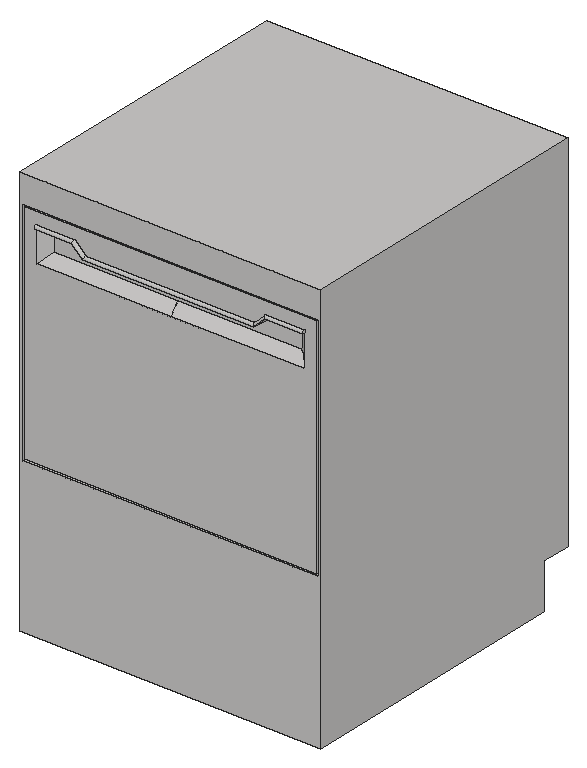
Revit family "QF_ELECTROLUXPROFESSIONAL_502704_ELAI3P", category Specialty Equipment, Revit 2018
Family settings
  Round Connector Dimension = Use Diameter
  Part Type = Normal
  Work Plane-Based = No
  Always vertical = Yes
  Cut with Voids When Loaded = No
  Shared = No
  Room Calculation Point = No
Parameters
  Weight = 68.00 kg
  Watts = 0 W
  Volts = 0 V
  URL Manufacturer = ""
  URL = "http://professional.electrolux.com/"
  Steam Supply Size = 0 mm
  Steam Supply Minimum Pressure = 0.0 Pa
  Steam Supply Maximum Pressure = 0.0 Pa
  Steam Pounds per Hour = 0
  Show Logo [instance] = yes
  Show Clearance [instance] = yes
  Refrigeration Suction Line Size = 0 mm
  Refrigeration Liquid Line Size = 0 mm
  Refrigerant Compressor Remote = yes
  Manufacturer = ""
  Phase = 0
  Model = ""
  Length Actual = 600 mm  # constant formula
  Item Number = ""
  Hot Water Size = 0 mm
  Height Actual = 820 mm  # constant formula
  HP = "7.2 HP"
  Gas Size = 0 mm
  Gas KW = 0
  Gas Input Pressure = 0 W
  Direct Waste Size = 20.5 mm
  Description = ""
  Depth Actual = 615 mm  # constant formula
  Cycle = 0 Hz
  Condensate Return Size = 0 mm
  Compressed Air Volume = 0.0 L/s
  Compressed Air Size = 0 mm
  Compressed Air Pressure = 0.0 Pa
  Cold Water Size = 0 mm
  Accessory = yes
Types (2, lengths in mm): name | Volts | URL Manufacturer | URL | Manufacturer | Phase | Model | Item Number | Hot Water Size | Description | Cycle
  (no name) | 0 V | "" | "http://professional.electrolux.com/" | "" | 0 | "" | "" | 0 | "" | 0 Hz
  Standard | 400 V | "http://professional.electrolux.com" | "http://professional.electrolux.com" | "Electrolux Professional" | 3 | "ELAI3P" | "502704" | 19.05 | "UNDERCOUNTER(L), WASH-SAFE, DOUBLE SKIN, 3PH, DP, 720D/H" | 50 Hz
Reference planes
  plane 1 "Center (Front/Back)": y = 0
  plane 2: z = 0
  plane 3 "Center (Left/Right)": x = 0
  plane 4 "LEFT": x = -300
  plane 5 "RIGHT": x = 300
  plane 6 "FRONT": y = -307.5
  plane 7 "BACK": y = 307.5
  plane 8: z = 830
  plane 9: z = 10
  plane 10: y = 268.5
Forms (mm)
  Extrusion 1, solid, material "QF_Finishes_Stainless Steel"
    sketch origin (0, 0, 0) x (1, 0, 0) y (0, 1, 0)
      loop
        line (-300, -307.5) -> (300, -307.5) -> (300, 249.5) -> (-300, 249.5) -> (-300, -307.5)
    from 10 to 830
  Extrusion 2, solid, material "QF_Finishes_Stainless Steel"
    sketch origin (0, 0, 0) x (1, 0, 0) y (0, 1, 0)
      loop
        line (-300, 249.5) -> (300, 249.5) -> (300, 307.5) -> (-300, 307.5) -> (-300, 249.5)
    from 100 to 830
  Extrusion 3, solid, material "QF_Finishes_Stainless Steel"
    sketch origin (0, 0, 0) x (1, 0, 0) y (0, 1, 0)
      loop
        circle (-254, 193.5) r 12.5
      loop
        circle (254, 193.5) r 12.5
      loop
        circle (-254, -237.5) r 12.5
      loop
        circle (254, -237.5) r 12.5
    from 0 to 10
  Extrusion 4, void
    sketch origin (-300, -307.5, 0) x (-1, 0, 0) y (0, 0, 1)
      loop
        line (-5, 773.217) -> (-595, 773.217) -> (-595, 315.188) -> (-5, 315.188) -> (-5, 773.217)
    from 0 to 30
  Extrusion 5, solid, material "QF_Finishes_Stainless Steel"
    sketch origin (-274, -411, 733) x (0, 0, -1) y (1, 0, 0)
      loop
        circle (693, 143) r 10
    from -660.5 to -718.5
  Extrusion 6, solid, material "QF_Door-Drawer Clearances", visible <- "Show Clearance", detail levels coarse
    sketch origin (-230, -282.5, 0) x (0, 1, 0) y (0, 0, -1)
      loop
        line (-25, -319.312) -> (-397, -319.312)
        arc (-397, -319.312) -> (-298.139, -616.581) -> (-25, -770) r 434.302
        line (-25, -770) -> (-25, -319.312)
    from 61.225 to -521.647
  Extrusion 7, solid, material "QF_Finishes_Stainless Steel"
    sketch origin (-331.481, -411, 703) x (0, 0, -1) y (1, 0, 0)
      loop
        circle (663, 252.481) r 8
    from -660.5 to -718.5
  Extrusion 8, solid, material "QF_Finishes_Stainless Steel"
    sketch origin (-230, -282.5, 0) x (0, 1, 0) y (0, 0, -1)
      loop
        line (-25, -319.312) -> (-25, -770) -> (0, -770) -> (0, -319.312) -> (-25, -319.312)
    from 61.225 to -521.647
  Extrusion 9, solid, material "QF_Finishes_Stainless Steel"
    sketch origin (-301, 942.75, 760.5) x (0, -1, 0) y (1, 0, 0)
      loop
        circle (663, 158) r 8
    from -660.5 to -670.5
  Blend 10, void
    base sketch origin (-230, -307.5, 770) x (0, 0, -1) y (1, 0, 0)
      loop
        line (93.563, -37.311) -> (93.563, 230) -> (93.563, 497.311) -> (28.563, 497.311) -> (28.563, 422.311) -> (49.776, 401.098) -> (49.776, 230) -> (49.776, 58.902) -> (28.563, 37.689) -> (28.563, -37.311) -> (93.563, -37.311)
    top sketch origin (-230, -307.5, 770) x (0, 0, -1) y (1, 0, 0)
      loop
        line (73.563, -17.311) -> (73.563, 230) -> (73.563, 477.311) -> (31.063, 477.311) -> (31.063, 422.311) -> (52.276, 401.098) -> (52.276, 58.902) -> (31.063, 37.689) -> (31.063, -17.311) -> (73.563, -17.311)
    from 0 to -19.433
  Sweep 11, solid, material "QF_Finishes_Stainless Steel"
    path origin (-230, -307.5, 770) x (0, 0, -1) y (1, 0, 0)
      loop
        line (28.563, -37.311) -> (28.563, 37.689) -> (49.776, 58.902) -> (49.776, 401.098) -> (28.563, 422.311) -> (28.563, 497.311)
    profile origin (-229.811, -307.5, 741.437) x (0, 0, 1) y (0, -1, 0)
      loop
        line (0, 0) -> (5, 0)
        arc (5, 0) -> (3.536, 3.536) -> (0, 5) r 5
        arc (0, 5) -> (-0.037, 0.962) -> (-0.394, -3.06) r 51.04
        line (-0.394, -3.06) -> (0, 0)
Cuts and joins
  Extrusion 4 cuts Extrusion 1
  joined: Extrusion 1, Extrusion 2
  Blend 10 cuts Extrusion 8
Lines and regions (mm)
  Split face 1
    outline origin (-300, -307.5, 830) x (0, 0, -1) y (1, 0, 0)
      loop
        line (56.783, 5) -> (56.783, 0)
      loop
        line (56.783, 595) -> (56.783, 600)
      loop
        line (37.034, 600) -> (37.034, 514.297)
        arc (37.034, 514.297) -> (37.64, 511.25) -> (39.366, 508.667) r 7.962
        line (39.366, 508.667) -> (44.289, 503.744)
        arc (44.289, 503.744) -> (46.135, 500.982) -> (46.783, 497.723) r 8.515
        line (46.783, 497.723) -> (46.783, 87.277)
        arc (46.783, 87.277) -> (46.135, 84.018) -> (44.289, 81.256) r 8.515
        line (44.289, 81.256) -> (39.366, 76.333)
        arc (39.366, 76.333) -> (37.64, 73.75) -> (37.034, 70.703) r 7.962
        line (37.034, 70.703) -> (37.034, 0)
  Split face 2
    outline origin (-300, -307.5, 830) x (0, 0, -1) y (1, 0, 0)
      loop
        line (13.15, 274.82) -> (37.034, 274.82) -> (37.034, 325.18) -> (13.15, 325.18) -> (13.15, 274.82)
  symbolic lines
    curve 1: line (-300, 307.5, 0) -> (300, 307.5, 0)
    curve 2: line (-300, -307.5, 0) -> (-300, 307.5, 0)
    curve 3: line (300, -307.5, 0) -> (-300, -307.5, 0)
    curve 4: line (300, 307.5, 0) -> (300, -307.5, 0)
  symbolic lines, style "QF_Door-Drawer Clearances"
    curve 5: line (-291.225, -679.5, 0) -> (291.647, -679.5, 0)
    curve 6: line (291.647, -679.5, 0) -> (291.647, -307.5, 0)
    curve 7: line (-291.225, -679.5, 0) -> (-291.225, -307.5, 0)
  symbolic lines, style "SpecialityEquipmentHiddenLines"
    curve 8: line (-300, 249.5, 0) -> (300, 249.5, 0)
Dimensions and locks
  equal spacing: plane 4 "LEFT", plane 3 "Center (Left/Right)", plane 5 "RIGHT"
  equal spacing: plane 7 "BACK", plane 1 "Center (Front/Back)", plane 6 "FRONT"
  plane 7 "BACK" to plane 6 "FRONT" = 615 mm
  plane 4 "LEFT" to plane 5 "RIGHT" = 600 mm
  locked: plane 9 to level at 10
  plane 4 "LEFT" to plane 3 "Center (Left/Right)" = 300 mm
  plane 8 to level = 830 mm  (x2)
  Extrusion 9 sketch curve to plane 4 "LEFT" = 157 mm
  level to Extrusion 5 sketch curve = 40 mm
  Extrusion 5 sketch curve to plane 4 "LEFT" = 169 mm
  Extrusion 7 sketch curve to plane 4 "LEFT" = 221 mm
  level to Extrusion 7 sketch curve = 40 mm
  Extrusion 3 to cut or joined group of Extrusion 1, Extrusion 2, Extrusion 4 = 114 mm
  Extrusion 3 to Extrusion 3 = 431 mm
  plane 6 "FRONT" to Extrusion 3 = 70 mm
  plane 1 "Center (Front/Back)" to plane 6 "FRONT" = 307.5 mm
  locked: plane 7 "BACK" to plane 10 at 39
  plane 7 "BACK" to curve 5 = 987 mm
  Extrusion 8 to cut or joined group of Extrusion 1, Extrusion 2, Extrusion 4 = 454.812 mm
  aligned and locked: level to plane 2
  aligned and locked: Extrusion 1 sketch curve to plane 6 "FRONT"
  aligned and locked: Extrusion 1 sketch curve to plane 4 "LEFT"
  aligned and locked: plane 5 "RIGHT" to Extrusion 1 sketch curve
  aligned and locked: Extrusion 1 to plane 9
  aligned and locked: Extrusion 2 sketch curve to Extrusion 1
  aligned and locked: plane 7 "BACK" to Extrusion 2 sketch curve
  aligned and locked: plane 5 "RIGHT" to Extrusion 2 sketch curve
  aligned and locked: plane 9 to Extrusion 3
Automatic sketch dimensions
  Extrusion 1 sketch curve to plane 10 = 19 mm
  Extrusion 2 sketch curve to plane 10 = 19 mm
  plane 4 "LEFT" to Extrusion 3 sketch curve = 46 mm  (x2)
  Extrusion 3 sketch curve to plane 5 "RIGHT" = 46 mm  (x2)
  plane 6 "FRONT" to Extrusion 3 sketch curve = 70 mm  (x2)
  Extrusion 3 sketch curve to plane 10 = 75 mm  (x2)
  Extrusion 4 sketch curve to Extrusion 1 = 5 mm  (x2)
  Extrusion 4 sketch curve to Extrusion 1 = 305.188 mm
  Extrusion 4 sketch curve to Extrusion 1 = 56.783 mm
  Extrusion 8 sketch curve to plane 6 "FRONT" = 0 mm
  Extrusion 8 sketch curve to Extrusion 8 sketch curve = 25 mm
  Extrusion 8 sketch curve to plane 8 = 60 mm
  plane 9 to Extrusion 8 sketch curve = 309.312 mm
  cut or joined group of Extrusion 1, Extrusion 2, Extrusion 4 to Split face 1 sketch curve = 0 mm  (x2)
  Split face 1 sketch curve to cut or joined group of Extrusion 1, Extrusion 2, Extrusion 4 = 0 mm  (x6)
  cut or joined group of Extrusion 1, Extrusion 2, Extrusion 4 to Split face 1 sketch curve = 10 mm
  Split face 1 sketch curve to Split face 1 sketch curve = 2.494 mm  (x2)
  Split face 1 sketch curve to Split face 1 sketch curve = 8.515 mm  (x2)
  cut or joined group of Extrusion 1, Extrusion 2, Extrusion 4 to Split face 1 sketch curve = 11.786 mm  (x2)
  Split face 1 sketch curve to Split face 1 sketch curve = 5.63 mm  (x2)
  Split face 1 sketch curve to Split face 1 sketch curve = 2.332 mm  (x2)
  Split face 1 sketch curve to cut or joined group of Extrusion 1, Extrusion 2, Extrusion 4 = 65.703 mm
  Split face 1 sketch curve to Split face 1 sketch curve = 4.923 mm  (x2)
  Split face 1 sketch curve to cut or joined group of Extrusion 1, Extrusion 2, Extrusion 4 = 97.277 mm
  Split face 2 sketch curve to cut or joined group of Extrusion 1, Extrusion 2, Extrusion 4 = 13.15 mm
  cut or joined group of Extrusion 1, Extrusion 2, Extrusion 4 to Split face 2 sketch curve = 19.749 mm
  Split face 2 sketch curve to cut or joined group of Extrusion 1, Extrusion 2, Extrusion 4 = 269.82 mm
  Split face 2 sketch curve to Split face 2 sketch curve = 50.359 mm
  curve 1 to plane 4 "LEFT" = 0 mm
  curve 7 to plane 6 "FRONT" = 0 mm
  curve 4 to plane 5 "RIGHT" = 0 mm
  curve 8 to plane 10 = 19 mm
  curve 2 to plane 7 "BACK" = 0 mm
  plane 4 "LEFT" to curve 5 = 8.775 mm
  curve 6 to plane 5 "RIGHT" = 8.353 mm
  Extrusion 6 sketch curve to plane 6 "FRONT" = 0 mm
  plane 6 "FRONT" to Extrusion 6 sketch curve = 61.803 mm
  plane 9 to Extrusion 6 sketch curve = 330.118 mm
  Extrusion 6 sketch curve to Extrusion 6 sketch curve = 20.806 mm
  Extrusion 6 sketch curve to plane 6 "FRONT" = 372 mm
  Blend 10 sketch curve to Extrusion 8 = 28.563 mm  (x2)
  Blend 10 sketch curve to Extrusion 8 = 49.776 mm
  Blend 10 sketch curve to Blend 10 sketch curve = 65 mm
  Extrusion 8 to Blend 10 sketch curve = 23.913 mm
  Blend 10 sketch curve to Blend 10 sketch curve = 75 mm  (x2)
  Blend 10 sketch curve to Blend 10 sketch curve = 21.213 mm  (x5)
  Blend 10 sketch curve to Blend 10 sketch curve = 171.098 mm  (x2)
  Blend 10 sketch curve to Blend 10 sketch curve = 0 mm
  Extrusion 8 to Blend 10 sketch curve = 120.549 mm
  Extrusion 8 to Blend 10 sketch curve = 99.335 mm
  Extrusion 8 to Blend 10 sketch curve = 43.913 mm
  Blend 10 sketch curve to Blend 10 sketch curve = 42.5 mm
  Extrusion 8 to Blend 10 sketch curve = 44.335 mm
  Blend 10 sketch curve to Blend 10 sketch curve = 55 mm  (x2)
  Blend 10 sketch curve to Extrusion 8 = 31.063 mm
  Extrusion 8 to Sweep 11 sketch curve = 98.913 mm
  Sweep 11 sketch curve to Sweep 11 sketch curve = 21.213 mm  (x4)
  Extrusion 8 to Sweep 11 sketch curve = 23.913 mm
  Sweep 11 sketch curve to Extrusion 8 = 28.563 mm
  Extrusion 8 to Sweep 11 sketch curve = 99.335 mm
  Extrusion 8 to Sweep 11 sketch curve = 24.335 mm
  profile plane to Sweep 11 sketch curve = 0 mm  (x2)
  Sweep 11 sketch curve to profile plane = 0 mm
  profile plane to Sweep 11 sketch curve = 3.452 mm
  Sweep 11 sketch curve to Sweep 11 sketch curve = 5 mm
  profile plane to Sweep 11 sketch curve = 0.394 mm
  Sweep 11 sketch curve to profile plane = 3.06 mm
  plane 10 to Extrusion 9 sketch curve = 11.25 mm
  radius of Extrusion 3 sketch curve = 12.5 mm  (x4)
  radius of Extrusion 5 sketch curve = 10 mm
  radius of Extrusion 7 sketch curve = 8 mm
  radius of Extrusion 9 sketch curve = 8 mm
Connectors
  piping at (-131, 307.5, 40), diameter 20
    settings: on Extrusion 5, index 1, connector inside diameter 609.6 mm, connector length 0 mm, flow factor 0, pipe flow 0.0 L/s, pressure drop 0.0 Pa, fitting loss kfactor 0, connector angle 0.00°, fixture units 0, engagement length 0 mm, angle of deflection 0.00°, flow configuration 1, flow direction 1, fitting loss method 0, system type 16, joint type 0, gender type 0, connector reference index -1, connector utility 0, adjustable connector no, is connector primary yes, connector description "Drain"
  piping at (-79, 307.5, 40), diameter 16
    settings: on Extrusion 7, index 3, connector inside diameter 609.6 mm, connector length 0 mm, flow factor 0, pipe flow 0.0 L/s, pressure drop 0.0 Pa, fitting loss kfactor 0, connector angle 0.00°, fixture units 0, engagement length 0 mm, angle of deflection 0.00°, flow configuration 1, flow direction 1, fitting loss method 0, system type 20, joint type 0, gender type 0, connector reference index -1, connector utility 0, adjustable connector no, is connector primary no, connector description "Cold Water Inlet"
  electrical at (-143, 279.75, 90), driven by "Volts"
    settings: on Extrusion 9, index 4, voltage 0 V, apparent load 0 VA, apparent load phase1 0 VA, apparent load phase2 0 VA, apparent load phase3 0 VA, power factor 1, load classification "Altro", number of poles 1, system type 31, power factor state 1, is connector primary yes, connector utility no, sub classification motor no, connector description "Electrical Connection"
